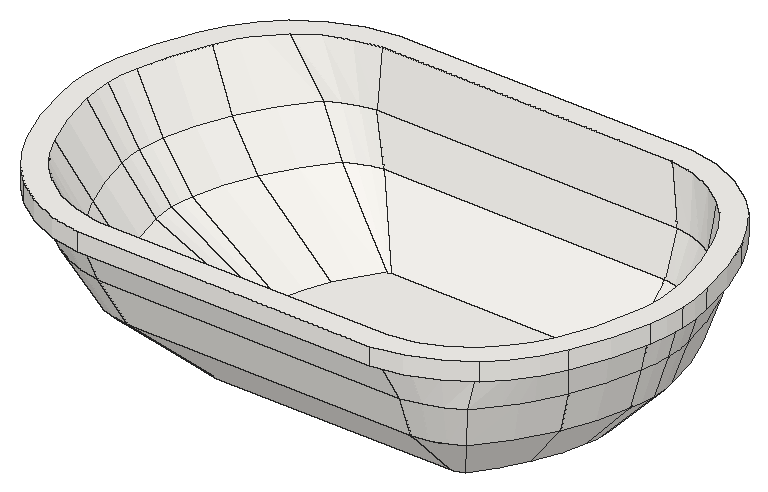
Revit family "Lav-Corian-European-Care-5310", category Plumbing Fixtures, host Face, Revit 2015 (continued)
Automatic sketch dimensions
  plane 1 "Center (Front/Back)" to SweptBlend 8 sketch curve = 0 mm  (x2)
  SweptBlend 8 sketch curve to plane 1 "Center (Front/Back)" = 18.69 mm  (x2)
  SweptBlend 8 sketch curve to plane 1 "Center (Front/Back)" = 41.689 mm  (x2)
  SweptBlend 8 sketch curve to SweptBlend 8 sketch curve = 37.079 mm  (x4)
  SweptBlend 8 sketch curve to SweptBlend 8 sketch curve = 32.232 mm  (x2)
  plane 1 "Center (Front/Back)" to SweptBlend 8 sketch curve = 18.69 mm  (x2)
  plane 1 "Center (Front/Back)" to SweptBlend 8 sketch curve = 41.689 mm  (x2)
  SweptBlend 8 sketch curve to SweptBlend 8 sketch curve = 54.202 mm  (x2)
  SweptBlend 8 sketch curve to SweptBlend 8 sketch curve = 57.667 mm  (x4)
  SweptBlend 8 sketch curve to SweptBlend 8 sketch curve = 6.338 mm  (x4)
  SweptBlend 8 sketch curve to profile plane = 30.951 mm  (x2)
  SweptBlend 8 sketch curve to SweptBlend 8 sketch curve = 32.476 mm  (x2)
  SweptBlend 8 sketch curve to SweptBlend 8 sketch curve = 47.992 mm  (x2)
  SweptBlend 8 sketch curve to plane 1 "Center (Front/Back)" = 13.396 mm  (x2)
  SweptBlend 8 sketch curve to SweptBlend 8 sketch curve = 13.163 mm  (x2)
  plane 1 "Center (Front/Back)" to SweptBlend 8 sketch curve = 13.396 mm  (x2)
  Revolve 9 sketch curve to plane 14 = 0 mm
  Revolve 9 sketch curve to plane 8 = 0 mm
  Revolve 9 sketch curve to Revolve 9 sketch curve = 0 mm
  Sweep 1 sketch curve to Sweep 1 sketch curve = 0 mm  (x8)
  Sweep 1 sketch curve to Sweep 1 sketch curve = 3.465 mm
  plane 3 "Center (Left/Right)" to Sweep 1 sketch curve = 11.573 mm  (x2)
  Sweep 1 sketch curve to plane 3 "Center (Left/Right)" = 11.573 mm  (x2)
  Sweep 1 sketch curve to plane 1 "Center (Front/Back)" = 2.104 mm  (x2)
  Sweep 1 sketch curve to Sweep 1 sketch curve = 13.036 mm
  plane 1 "Center (Front/Back)" to Masking region 2 sketch curve = 0 mm  (x2)
  Masking region 2 sketch curve to plane 12 = 0 mm
  Masking region 2 sketch curve to plane 10 = 147.309 mm  (x2)
  plane 11 to Masking region 2 sketch curve = 0 mm
  plane 1 "Center (Front/Back)" to Masking region 2 sketch curve = 63.768 mm
  Masking region 2 sketch curve to Masking region 2 sketch curve = 12.982 mm  (x3)
  Masking region 2 sketch curve to plane 1 "Center (Front/Back)" = 63.768 mm
  Masking region 2 sketch curve to Masking region 2 sketch curve = 0 mm  (x8)
  plane 1 "Center (Front/Back)" to Masking region 2 sketch curve = 2.104 mm  (x2)
  Masking region 2 sketch curve to Masking region 2 sketch curve = 3.465 mm
  Masking region 2 sketch curve to Masking region 2 sketch curve = 16.501 mm  (x4)
  plane 3 "Center (Left/Right)" to Masking region 2 sketch curve = 11.573 mm  (x2)
  Masking region 2 sketch curve to plane 3 "Center (Left/Right)" = 11.573 mm  (x2)
  plane 1 "Center (Front/Back)" to Masking region 2 sketch curve = 44.782 mm
  Masking region 2 sketch curve to Masking region 2 sketch curve = 121.634 mm
  Masking region 2 sketch curve to plane 1 "Center (Front/Back)" = 44.782 mm
  Masking region 2 sketch curve to plane 1 "Center (Front/Back)" = 2.104 mm  (x2)
  Masking region 2 sketch curve to Masking region 2 sketch curve = 13.036 mm
  Masking region 2 sketch curve to Masking region 2 sketch curve = 18.986 mm  (x4)
  Masking region 2 sketch curve to plane 1 "Center (Front/Back)" = 18.69 mm  (x2)
  plane 1 "Center (Front/Back)" to Masking region 2 sketch curve = 18.69 mm  (x2)
  Masking region 2 sketch curve to plane 10 = 28.679 mm  (x2)
  Masking region 2 sketch curve to plane 10 = 4.191 mm
  plane 9 to Masking region 2 sketch curve = 28.679 mm  (x2)
  plane 9 to Masking region 2 sketch curve = 4.191 mm
  Extrusion 10 sketch curve to Extrusion 10 sketch curve = 12.982 mm  (x2)
  Extrusion 10 sketch curve to Extrusion 10 sketch curve = 0 mm  (x8)
  Extrusion 10 sketch curve to Extrusion 10 sketch curve = 3.465 mm
  plane 3 "Center (Left/Right)" to Extrusion 10 sketch curve = 11.573 mm  (x2)
  Extrusion 10 sketch curve to plane 3 "Center (Left/Right)" = 11.573 mm  (x2)
  Extrusion 10 sketch curve to plane 1 "Center (Front/Back)" = 2.104 mm  (x2)
  plane 3 "Center (Left/Right)" to Masking region 1 sketch curve = 140 mm
  plane 1 "Center (Front/Back)" to Masking region 3 sketch curve = 0 mm  (x2)
  Masking region 3 sketch curve to plane 11 = 31 mm
  Masking region 3 sketch curve to plane 10 = 130.342 mm  (x2)
  plane 12 to Masking region 3 sketch curve = 31 mm
  Masking region 3 sketch curve to Masking region 3 sketch curve = 10.572 mm  (x4)
  Masking region 3 sketch curve to plane 1 "Center (Front/Back)" = 2.104 mm  (x2)
  Masking region 3 sketch curve to Masking region 3 sketch curve = 3.465 mm  (x3)
  Masking region 3 sketch curve to Masking region 3 sketch curve = 0 mm  (x8)
  plane 3 "Center (Left/Right)" to Masking region 3 sketch curve = 61.419 mm  (x2)
  plane 3 "Center (Left/Right)" to Masking region 3 sketch curve = 30.951 mm  (x2)
  plane 3 "Center (Left/Right)" to Masking region 3 sketch curve = 13.427 mm  (x2)
  Masking region 3 sketch curve to plane 3 "Center (Left/Right)" = 17.041 mm  (x2)
  plane 1 "Center (Front/Back)" to Masking region 3 sketch curve = 2.104 mm  (x2)
  Masking region 3 sketch curve to Masking region 3 sketch curve = 104.202 mm
  Masking region 3 sketch curve to Masking region 3 sketch curve = 76.665 mm  (x4)
  Masking region 3 sketch curve to plane 1 "Center (Front/Back)" = 41.689 mm  (x2)
  Masking region 3 sketch curve to plane 1 "Center (Front/Back)" = 18.69 mm
  plane 1 "Center (Front/Back)" to Masking region 3 sketch curve = 18.69 mm
  Masking region 3 sketch curve to Masking region 3 sketch curve = 22.999 mm  (x2)
  Masking region 3 sketch curve to Masking region 3 sketch curve = 37.175 mm  (x4)
  Masking region 3 sketch curve to plane 1 "Center (Front/Back)" = 25.423 mm
  plane 1 "Center (Front/Back)" to Masking region 3 sketch curve = 25.423 mm
  radius of Masking region 1 sketch curve = 24.796 mm
Connectors
  piping at (140, 0, -192), diameter 55
    settings: on cut or joined group of Sweep 1, SweptBlend 2, SweptBlend 3, SweptBlend 4, SweptBlend 5, SweptBlend 6, SweptBlend 7, SweptBlend 8, Revolve 9, index 1, connector inside diameter 24", connector length 0 mm, flow factor 0, pipe flow 0 GPM, pressure drop 0.00 psi, fitting loss kfactor 0, connector angle 0.00°, fixture units 0, engagement length 0 mm, angle of deflection 0.00°, flow configuration 0, flow direction 2, fitting loss method 0, system type 16, joint type 0, gender type 0, connector reference index -1, connector utility 0, adjustable connector no, is connector primary yes, connector description "Drain"
